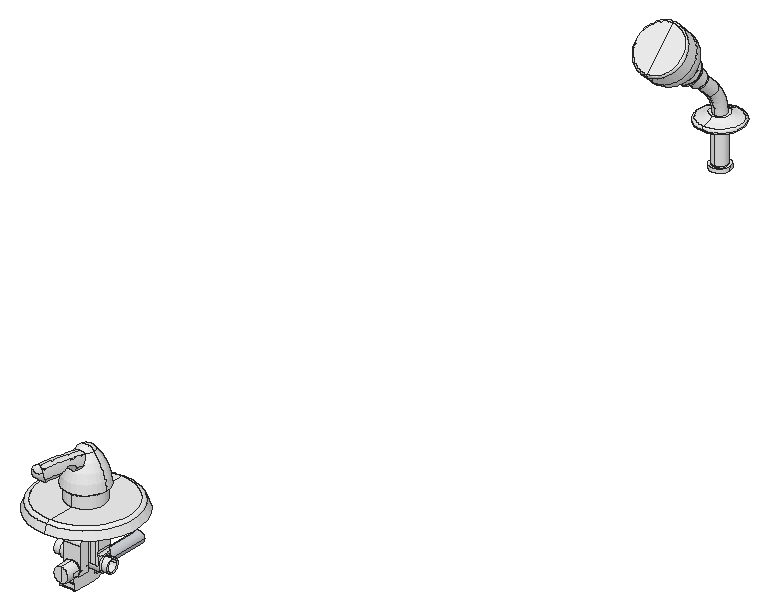
Revit family "S-9601-PLR", category Plumbing Fixtures, host Face, Revit 2019
Family settings
  Host = Face
  Round Connector Dimension = Use Diameter
  Part Type = Normal
  OmniClass Number = 23.65.70.11.11
  OmniClass Title = Fixtures for Liquids
  Cut with Voids When Loaded = No
  Shared = No
  Room Calculation Point = No
Parameters (values of type "1.2 GPM Flow Restrictor, Chrome")
  z Wide Lever = 0
  z Visibility = no
  z Valve = M Valve&diverter : Chrome
  z Type Model = 0
  z Type GPM = 0
  z Type Finish = 0
  z Type = 0
  z Slip On Tub = 0
  z Showerhead = shower head : Chrome
  z Reverse Core = 0
  z Pipe Radius = 0.000"
  z Overall Width = 0.000"
  z Overall Height = 0.000"
  z Overall Depth = 0.000"
  z Offset = 0.000"
  z Integral Service Stops = 0
  z Has Wide Lever Handle = no
  z Has Volume Control = no
  z Has Trim = no
  z Has Slip On Tub Spout = no
  z Has Showerhead = no
  z Has Reverse Core = no
  z Has Rebuild Kit Trim Only = no
  z Has Integral Service Stops = no
  z Has Check Stops = no
  z Has 2.0 GPM Flow Restrictor = no
  z Has 1.5 GPM Flow Restrictor = no
  z Has .5 Inch Female Connections = no
  z GPM Number = 0
  z GPM GPM = 0.000 GPM
  z Flow Rate = 0
  z Error Box Width = 0.000"
  z Error Box Height = 0.000"
  z Error Box Depth = 0.000"
  z .5 Inch Female Connections = 0
  z  Showerhead = 0
  Waste Connection = no
  Vent Connection = no
  URL = ""
  Product Material = Chrome - Symmons - Polished
  Model = ""
  Manufacturer = ""
  HW Connection = no
  Gallons Per Minute = 0.000 GPM
  Description = ""
  Default Elevation = 0.000"
  Date Modified = ""
  Date Created = ""
  CW Connection = no
Types (8): name | z Visibility | z Has Wide Lever Handle | z Has Volume Control | z Has Slip On Tub Spout | z Has Showerhead | z Has Reverse Core | z Has Integral Service Stops | z Has Check Stops | z Has 2.0 GPM Flow Restrictor | z Has 1.5 GPM Flow Restrictor | z Has .5 Inch Female Connections | Product Material | Gallons Per Minute
  1.2 GPM Flow Restrictor, Chrome | no | no | no | no | no | no | no | no | no | no | no | Chrome - Symmons - Polished | 0.000 GPM
  1.2 GPM Flow Restrictor, Satin Nickel | yes | yes | yes | yes | yes | yes | yes | yes | yes | yes | yes | Nickel - Symmons - Satin | 1.200 GPM
  1.5 GPM Flow Restrictor, Satin Nickel | yes | yes | yes | yes | yes | yes | yes | yes | yes | yes | yes | Nickel - Symmons - Satin | 1.500 GPM
  1.75 GPM Flow Restrictor, Satin Nickel | yes | yes | yes | yes | yes | yes | yes | yes | yes | yes | yes | Nickel - Symmons - Satin | 1.750 GPM
  2.0 GPM Flow Restrictor, Satin Nickel | yes | yes | yes | yes | yes | yes | yes | yes | yes | yes | yes | Nickel - Symmons - Satin | 0.000 GPM
  1.5 GPM Flow Restrictor, Chrome | yes | yes | yes | yes | yes | yes | yes | yes | yes | yes | yes | Chrome - Symmons - Polished | 1.500 GPM
  1.75 GPM Flow Restrictor, Chrome | yes | yes | yes | yes | yes | yes | yes | yes | yes | yes | yes | Chrome - Symmons - Polished | 1.750 GPM
  2.0 GPM Flow Restrictor, Chrome | yes | yes | yes | yes | yes | yes | yes | yes | yes | yes | yes | Chrome - Symmons - Polished | 2.000 GPM
Reference planes (in)
  plane 1 "Center (Front/Back)": y = 0
  plane 2 "Center (Elevation)": z = 0
  plane 3 "Center (Left/Right)": x = 0
  plane 4: x = -3.75
  plane 5: y = 28.5
  plane 6: x = 3.75
  plane 7: z = 0
  plane 8: z = 9.325
  plane 9: y = -12
  plane 10: y = 45
  plane 11: z = 0
Dimensions and locks (in)
  equal spacing: plane 4, plane 3 "Center (Left/Right)", plane 6
  plane 4 to plane 6 = 7.500"
  plane 5 to plane 1 "Center (Front/Back)" = 28.500"
  plane 7 to plane 2 "Center (Elevation)" = 0.000"
  plane 8 to plane 7 = 9.325"
  locked: plane 1 "Center (Front/Back)" to plane 9 at 12
  locked: plane 10 to plane 1 "Center (Front/Back)" at 45
  plane 11 to plane 7 = 0.000"
  plane 10 to plane 9 = 57.000"
  aligned and locked: plane 2 "Center (Elevation)" to host face
  aligned and locked: level to host face
Automatic sketch dimensions
  host sketch curve to host sketch curve = 7.44425"
  host sketch curve to host sketch curve = 60.71207"
Nested families (in)
  nested 1: "shower head" at (0, 44.98453, 0), type "Chrome"
    with z Pipe Radius 0.250", z Overall Width 2.500", z Overall Height 2.500", z Overall Depth 7.500", z Offset 1.000", Part Number "", Part Description "Single Mode Showerhead, 2.0 Flow Rate Restrictor, Chrome", Equipment Number ""
  nested 2: "M Valve&diverter" at (-0.00649, 0.06617, 0), type "Satin Nickel"
    with zz Length 9 4.000", zz Length 10 0.100", Part Number "3500-CYL-B", Part Description "Shower Valve System with Symmons Temptrol mixing valve,Chrome", Equipment Number ""
Connectors (in)
  piping at (-0.06456, 3.81617, -3.0625), diameter 0.5
    settings: on nested 2, index 2, connector inside diameter 24", connector length 0.000", flow factor 0, pipe flow 0.000 GPM, pressure drop 0.00 psi, fitting loss kfactor 0, connector angle 0.000°, fixture units 0, engagement length 0.000", angle of deflection 0.000°, flow configuration 0, flow direction 2, fitting loss method 0, system type 29, joint type 0, gender type 0, connector reference index -1, connector utility 0, adjustable connector no, is connector primary yes, connector description "Mixed Water Out"
  piping at (0, 44.98453, -2.375), diameter 0.5
    settings: on nested 1, index 3, connector inside diameter 24", connector length 0.000", flow factor 0, pipe flow 0.000 GPM, pressure drop 0.00 psi, fitting loss kfactor 0, connector angle 0.000°, fixture units 0, engagement length 0.000", angle of deflection 0.000°, flow configuration 0, flow direction 1, fitting loss method 0, system type 29, joint type 0, gender type 0, connector reference index -1, connector utility 0, adjustable connector no, is connector primary no, connector description "Shower Head Supply"
  piping at (-0.00649, -1.68583, -2.59375), diameter 0.5
    settings: on nested 2, index 4, connector inside diameter 24", connector length 0.000", flow factor 0, pipe flow 0.000 GPM, pressure drop 0.00 psi, fitting loss kfactor 0, connector angle 0.000°, fixture units 0, engagement length 0.000", angle of deflection 0.000°, flow configuration 0, flow direction 1, fitting loss method 0, system type 22, joint type 0, gender type 0, connector reference index -1, connector utility 0, adjustable connector no, is connector primary no, connector description "Tub Spout Supply"
  piping at (-1.50649, 0.12939, -2.3711), diameter 0.5
    settings: on nested 2, index 5, connector inside diameter 24", connector length 0.000", flow factor 0, pipe flow 0.000 GPM, pressure drop 0.00 psi, fitting loss kfactor 0, connector angle 0.000°, fixture units 0, engagement length 0.000", angle of deflection 0.000°, flow configuration 0, flow direction 1, fitting loss method 0, system type 20, joint type 0, gender type 0, connector reference index -1, connector utility 0, adjustable connector no, is connector primary no, connector description "Cold Water Supply"
  piping at (1.49351, 0.00028, -2.3711), diameter 0.5
    settings: on nested 2, index 6, connector inside diameter 24", connector length 0.000", flow factor 0, pipe flow 0.000 GPM, pressure drop 0.00 psi, fitting loss kfactor 0, connector angle 0.000°, fixture units 0, engagement length 0.000", angle of deflection 0.000°, flow configuration 0, flow direction 1, fitting loss method 0, system type 19, joint type 0, gender type 0, connector reference index -1, connector utility 0, adjustable connector no, is connector primary no, connector description "Hot Water Supply"
Definition of nested family "shower head"
  Parameters (values of type "Chrome")
    z Type GPM = 0
    z Type Flow Restrictor = 0
    z Type Finish = 0
    z Pipe Radius [instance] = 0.000"
    z Overall Width [instance] = 2.500"
    z Overall Height [instance] = 2.500"
    z Overall Depth [instance] = 7.500"
    z Offset [instance] = 1.000"
    z GPM Number = 0
    z GPM GPM = 0.000 GPM
    URL = ""
    Product Page URL = ""
    Product Material = none
    Product Documentation Link = ""
    Part Number [instance] = ""
    Part Description [instance] = ""
    Model Disclaimer = ""
    Model = ""
    Manufacturer = ""
    Gallons Per Minute = 0.000 GPM
    Family Version = ""
    Equipment Number [instance] = ""
    Equipment Abbreviation = ""
    Description = ""
    Default Elevation = 0.000"
    Date Modified = ""
    Date Created = ""
    Copyright = ""
  Types (2): name | z Pipe Radius
    Chrome | 0.000"
    Satin Nickel | 0.250"
  Reference planes (in)
    plane 1 "Center (Front/Back)": y = 0
    plane 2 "Center (Elevation)": z = 0
    plane 3 "Center (Left/Right)": x = 0
    plane 4: x = -1.25
    plane 5: y = 1.25
    plane 6: y = -1.25
    plane 7: x = 1.25
    plane 8: z = -1
    plane 9: z = 6.5
    plane 10: z = 0
    plane 11: y = -0.5
    plane 12: z = 0.33234
    plane 13: z = 0.15
    plane 14: y = -0.5695
  Forms (in)
    Extrusion 1, solid
      sketch origin (0, 0, 0) x (1, 0, 0) y (0, 1, 0)
        loop
          line (-1.75, 1.5) -> (-1.75, -1.77927) -> (1.52741, -1.77927) -> (1.52741, 1.5) -> (-1.75, 1.5)
      from 0 to -0.35383
    Revolve 2, solid, material <- "Product Material"
      sketch origin (0, 0, 0) x (0, 1, 0) y (0, 0, 1)
        loop
          line (0, 0.43) -> (-0.531, 0.43)
          arc (-0.531, 0.43) -> (-0.83077, 0.27718) -> (-1.152, 0.17705) r 1.98967
          arc (-1.152, 0.17705) -> (-1.22247, 0.13328) -> (-1.25, 0.05503) r 0.12497
          line (-1.25, 0.05503) -> (-1.25, 0) -> (-0.40524, 0) -> (-0.40524, -2.0983) -> (-0.37019, -2.11854) -> (-0.40524, -2.1364) -> (-0.40524, -2.16734) -> (-0.37033, -2.1875) -> (0, -2.1875) -> (0, 0.43)
        axis (0, -2.1875) -> (0, 0.43)
      angle from 0 to 360
    Revolve 3, solid, material <- "Product Material"
      sketch origin (0, 0, 0) x (0, 1, 0) y (0, 0, 1)
        loop
          line (-1.44893, 2.69442) -> (-4.27736, 5.52285) -> (-5.19512, 4.60509)
          arc (-5.19512, 4.60509) -> (-5.20669, 4.53512) -> (-5.17463, 4.47185) r 0.11397
          line (-5.17463, 4.47185) -> (-4.60328, 3.9005)
          arc (-4.60328, 3.9005) -> (-4.06, 3.55859) -> (-3.42138, 3.49354) r 1.40724
          arc (-3.42138, 3.49354) -> (-3.29656, 3.50007) -> (-3.18333, 3.44713) r 0.25784
          arc (-3.18333, 3.44713) -> (-3.16288, 3.42915) -> (-3.13674, 3.43676) r 0.02828
          line (-3.13674, 3.43676) -> (-3.09845, 3.47505) -> (-3.07648, 3.45308) -> (-3.11506, 3.4145) -> (-3.11506, 3.38343) -> (-3.08249, 3.416) -> (-3.02529, 3.4439) -> (-3.05483, 3.38834) -> (-3.03131, 3.36481) -> (-2.98876, 3.40736) -> (-2.96619, 3.38479) -> (-3.04685, 3.30413) -> (-2.85198, 3.10926) -> (-2.68557, 3.27567) -> (-2.66164, 3.24392) -> (-2.68364, 3.22193) -> (-2.636, 3.17429) -> (-2.67763, 3.13266) -> (-2.65558, 3.11061) -> (-2.7474, 3.01878)
          arc (-2.7474, 3.01878) -> (-2.70574, 3.00152) -> (-2.66407, 3.01878) r 0.05892
          line (-2.66407, 3.01878) -> (-2.54206, 3.14079)
          arc (-2.54206, 3.14079) -> (-2.44086, 3.09588) -> (-2.33184, 3.07652) r 0.45876
          line (-2.33184, 3.07652) -> (-2.26301, 3.00769) -> (-2.32244, 2.90048) -> (-1.92136, 2.49939) -> (-1.87345, 2.54729) -> (-1.85127, 2.52511) -> (-1.80643, 2.53464) -> (-1.81792, 2.49176) -> (-1.79616, 2.47) -> (-1.75329, 2.48149) -> (-1.76477, 2.43861) -> (-1.73476, 2.4086) -> (-1.44893, 2.69442)
        axis (-1.44893, 2.69442) -> (-4.27736, 5.52285)
      angle from 0 to 360
    Sweep 4, solid, material <- "Product Material"
      path origin (0, 0, 0) x (0, 1, 0) y (0, 0, 1)
        loop
          line (-1.4794, 2.72506) -> (-0.65089, 1.89655)
          arc (-0.65089, 1.89655) -> (-0.1891, 1.22379) -> (0, 0.43) r 2.23181
      profile origin (0, -1.06515, 2.3108) x (0, 0.707107, 0.707107) y (1, 0, 0)
        loop
          circle (-0.00012, 0) r 0.35413
    Extrusion 5, solid, material <- "Product Material"
      sketch origin (0, 0, 0) x (1, 0, 0) y (0, 1, 0)
        loop
          circle (0, 0) r 0.40524
        loop
          circle (0, 0) r 0.54462
      from -2.375 to -2.1875
  Lines and regions (in)
    Masking region 1
      outline origin (0, 0, 0) x (1, 0, 0) y (0, 0, 1)
        loop
          line (-1.25, 0) -> (-0.5, 0) -> (-0.5, -1) -> (0.5, -1) -> (0.5, 0) -> (1.25, 0) -> (1.25, 0.14959) -> (0.5695, 0.33234) -> (0.5, 0.33234) -> (0.5, 6.26256)
          spline (0.5, 6.26256) -> (0.53792, 6.27801) -> (0.5732, 6.29456) -> (0.60567, 6.31211) -> (0.63516, 6.33059) -> (0.66153, 6.3499) -> (0.68465, 6.36995) -> (0.70441, 6.39063) -> (0.72072, 6.41185) -> (0.73348, 6.43351) -> (0.74264, 6.45549) -> (0.74816, 6.47769) -> (0.75, 6.5)
          line (0.75, 6.5) -> (0.75, 7.07479) -> (1.25, 7.36347) -> (1.49591, 7.60938) -> (1.49591, 8.60938)
          spline (1.49591, 8.60938) -> (1.44494, 8.76866) -> (1.2955, 8.91709) -> (1.05777, 9.04454) -> (0.74795, 9.14235) -> (0.38717, 9.20383) -> (0, 9.2248) -> (-0.38717, 9.20383) -> (-0.74795, 9.14235) -> (-1.05777, 9.04454) -> (-1.2955, 8.91709) -> (-1.44494, 8.76866) -> (-1.49591, 8.60938)
          line (-1.49591, 8.60938) -> (-1.49591, 7.60938) -> (-1.25, 7.36347) -> (-0.75, 7.07479) -> (-0.75, 6.5)
          spline (-0.75, 6.5) -> (-0.74816, 6.47769) -> (-0.74264, 6.45549) -> (-0.73348, 6.43351) -> (-0.72072, 6.41185) -> (-0.70441, 6.39063) -> (-0.68465, 6.36995) -> (-0.66153, 6.3499) -> (-0.63516, 6.33059) -> (-0.60567, 6.31211) -> (-0.5732, 6.29456) -> (-0.53792, 6.27801) -> (-0.5, 6.26256)
          line (-0.5, 6.26256) -> (-0.5, 0.33234) -> (-0.5695, 0.33234) -> (-1.25, 0.14959) -> (-1.25, 0)
    symbolic lines, detail levels fine
      curve 1: line (-0.5, 0, 0.33234) -> (0.5, 0, 0.33234)
      curve 2: line (-1.25, 0, 0.14959) -> (1.25, 0, 0.14959)
      curve 3: spline (-0.5, 0, 6.26256) -> (-0.67885, 0, 6.36457) -> (-0.74948, 0, 6.48818) -> (-0.70063, 0, 6.61367) -> (-0.54008, 0, 6.72104) -> (-0.29343, 0, 6.79317) -> (0, 0, 6.81857) -> (0.29343, 0, 6.79317) -> (0.54008, 0, 6.72104) -> (0.70063, 0, 6.61367) -> (0.74948, 0, 6.48818) -> (0.67885, 0, 6.36457) -> (0.5, 0, 6.26256)
      curve 4: spline (-1.49591, 1.25, 7.60938) -> (-1.44494, 1.25, 7.80085) -> (-1.2955, 1.25, 7.97927) -> (-1.05777, 1.25, 8.13249) -> (-0.74795, 1.25, 8.25006) -> (-0.38717, 1.25, 8.32397) -> (0, 1.25, 8.34917) -> (0.38717, 1.25, 8.32397) -> (0.74795, 1.25, 8.25006) -> (1.05777, 1.25, 8.13249) -> (1.2955, 1.25, 7.97927) -> (1.44494, 1.25, 7.80085) -> (1.49591, 1.25, 7.60938)
      curve 5: spline (-0.5, 1.25, 6.5) -> (-0.48296, 1.25, 6.55497) -> (-0.43301, 1.25, 6.60619) -> (-0.35355, 1.25, 6.65017) -> (-0.25, 1.25, 6.68392) -> (-0.12941, 1.25, 6.70514) -> (0, 1.25, 6.71238) -> (0.12941, 1.25, 6.70514) -> (0.25, 1.25, 6.68392) -> (0.35355, 1.25, 6.65017) -> (0.43301, 1.25, 6.60619) -> (0.48296, 1.25, 6.55497) -> (0.5, 1.25, 6.5)
      curve 6: line (-0.5, 1.25, 6.5) -> (-0.5, 1.25, 6.26256)
      curve 7: line (0.5, 1.25, 6.5) -> (0.5, 1.25, 6.26256)
  Dimensions and locks (in)
    equal spacing: plane 4, plane 3 "Center (Left/Right)", plane 7
    "z Overall Width": plane 4 to plane 7
    equal spacing: plane 5, plane 1 "Center (Front/Back)", plane 6
    "z Overall Height": plane 5 to plane 6
    "z Overall Depth": plane 9 to plane 8
    plane 12 to plane 13 to plane 10 to plane 8 = 0.18234" locked, 0.150" locked, 1.000" locked
    plane 6 to plane 14 to plane 11 = 0.6805" locked, 0.0695" locked
    "z Offset": plane 2 "Center (Elevation)" to plane 8
    Masking region 1 sketch curve to Masking region 1 sketch curve to Masking region 1 sketch curve to Masking region 1 sketch curve to Masking region 1 sketch curve to plane 3 "Center (Left/Right)" to Masking region 1 sketch curve to Masking region 1 sketch curve to Masking region 1 sketch curve to Masking region 1 sketch curve to Masking region 1 sketch curve = 0.74591" locked, 0.1805" locked, 0.0695" locked, 0.000" locked, 0.500" locked, 0.500" locked, 0.000" locked, 0.0695" locked, 0.1805" locked, 0.74591" locked
    Masking region 1 sketch curve to Masking region 1 sketch curve to plane 2 "Center (Elevation)" = 0.000" locked, 0.33234" locked
    locked: curve 2 to plane 8 at 1.14959
    equal spacing: curve 1, plane 3 "Center (Left/Right)", curve 1
    locked: curve 1 to curve 1 at 1
    locked: curve 1 to plane 8 at 1.33234
    equal spacing: curve 3, plane 3 "Center (Left/Right)", curve 3
    locked: curve 3 to curve 3 at 1
    locked: curve 4 to plane 9 at 1.10938
    equal spacing: curve 4, plane 3 "Center (Left/Right)", curve 4
    locked: curve 4 to curve 4 at 2.99182
    curve 4 to curve 4 to plane 9 = 0.000" locked, 1.10938" locked
    Masking region 1 sketch curve to plane 9 to Masking region 1 sketch curve to Masking region 1 sketch curve to Masking region 1 sketch curve = 0.000" locked, 0.000" locked, 0.23744" locked, 0.000" locked
    plane 9 to curve 6 to curve 7 = 0.23744" locked, 0.000" locked
    aligned and locked: plane 2 "Center (Elevation)" to Extrusion 1
    aligned and locked: level to Extrusion 1
    aligned and locked: Revolve 2 sketch curve to plane 1 "Center (Front/Back)"
    aligned and locked: Masking region 1 sketch curve to plane 8
    aligned and locked: Masking region 1 sketch curve to plane 2 "Center (Elevation)"  (x2)
    aligned and locked: plane 7 to curve 2
    aligned and locked: plane 4 to curve 2
    aligned and locked: plane 9 to Masking region 1 sketch curve  (x2)
    aligned and locked: plane 3 "Center (Left/Right)" to Masking region 1 sketch curve  (x2)
    aligned and locked: plane 9 to curve 5  (x2)
    aligned and locked: plane 3 "Center (Left/Right)" to curve 5
    aligned and locked: plane 9 to curve 6
  Automatic sketch dimensions
    Extrusion 1 sketch curve to Extrusion 1 sketch curve = 3.27741"
    Extrusion 1 sketch curve to Extrusion 1 sketch curve = 3.27927"
    Masking region 1 sketch curve to plane 4 = 0.000"  (x2)
    Masking region 1 sketch curve to plane 7 = 0.000"  (x2)
    Masking region 1 sketch curve to Masking region 1 sketch curve = 0.14959"  (x2)
    Masking region 1 sketch curve to Masking region 1 sketch curve = 0.57479"  (x2)
    Masking region 1 sketch curve to Masking region 1 sketch curve = 0.28868"  (x2)
    Masking region 1 sketch curve to Masking region 1 sketch curve = 0.24591"  (x2)
    Masking region 1 sketch curve to Masking region 1 sketch curve = 1.000"
    curve 3 to plane 9 = 0.000"
    curve 3 to plane 3 "Center (Left/Right)" = 0.000"
    curve 3 to curve 3 = 0.250"
    curve 5 to curve 5 = 0.500"
    curve 3 to plane 9 = 0.23744"
    Revolve 2 sketch curve to level = 0.000"
    Revolve 2 sketch curve to plane 6 = 0.000"
    Revolve 2 sketch curve to plane 1 "Center (Front/Back)" = 0.000"
    Revolve 2 sketch curve to plane 6 = 0.33133"
    level to Revolve 2 sketch curve = 0.05503"
    plane 6 to Revolve 2 sketch curve = 0.12497"
    Revolve 2 sketch curve to plane 11 = 0.031"
    plane 11 to Revolve 2 sketch curve = 0.09476"
    Revolve 2 sketch curve to Revolve 2 sketch curve = 0.000"
    Revolve 2 sketch curve to Revolve 2 sketch curve = 0.03491"
    Revolve 2 sketch curve to plane 8 = 1.0983"
    Revolve 2 sketch curve to Revolve 2 sketch curve = 0.02016"
    plane 12 to Revolve 2 sketch curve = 0.09766"
    plane 12 to Revolve 2 sketch curve = 1.78751"
    Revolve 2 sketch curve to Revolve 2 sketch curve = 0.03505"
    Revolve 2 sketch curve to Revolve 2 sketch curve = 0.02024"
    Revolve 2 sketch curve to Revolve 2 sketch curve = 0.03095"
    Revolve 2 sketch curve to Revolve 2 sketch curve = 21.8125"
    plane 9 to Revolve 2 sketch curve = 79.77586"
    Revolve 2 sketch curve to Revolve 2 sketch curve = 0.03809"
    Revolve 3 sketch curve to plane 9 = 1.89491"
    Revolve 3 sketch curve to plane 6 = 3.94512"
    Revolve 3 sketch curve to plane 9 = 2.02815"
    Revolve 3 sketch curve to Revolve 3 sketch curve = 0.02049"
    Revolve 3 sketch curve to Revolve 3 sketch curve = 0.10108"
    Revolve 3 sketch curve to Revolve 3 sketch curve = 0.57135"  (x2)
    Revolve 3 sketch curve to plane 9 = 0.97715"  (x2)
    Revolve 3 sketch curve to Revolve 3 sketch curve = 0.81669"
    Revolve 3 sketch curve to Revolve 3 sketch curve = 0.67551"
    Revolve 3 sketch curve to Revolve 3 sketch curve = 1.25738"
    Revolve 3 sketch curve to Revolve 3 sketch curve = 0.18916"
    Revolve 3 sketch curve to Revolve 3 sketch curve = 0.020"  (x2)
    Revolve 3 sketch curve to Revolve 3 sketch curve = 0.02168"
    Revolve 3 sketch curve to Revolve 3 sketch curve = 0.03829"
    Revolve 3 sketch curve to Revolve 3 sketch curve = 0.03257"
    Revolve 3 sketch curve to Revolve 3 sketch curve = 0.02197"
    Revolve 3 sketch curve to Revolve 3 sketch curve = 0.02766"
    Revolve 3 sketch curve to Revolve 3 sketch curve = 0.00798"
    Revolve 3 sketch curve to Revolve 3 sketch curve = 0.02353"
    Revolve 3 sketch curve to Revolve 3 sketch curve = 0.05118"
    Revolve 3 sketch curve to Revolve 3 sketch curve = 0.03653"  (x2)
    Revolve 3 sketch curve to Revolve 3 sketch curve = 0.02257"
    Revolve 3 sketch curve to Revolve 3 sketch curve = 0.19487"
    Revolve 3 sketch curve to Revolve 3 sketch curve = 0.10458"
    Revolve 3 sketch curve to Revolve 3 sketch curve = 0.04167"  (x3)
    Revolve 3 sketch curve to Revolve 3 sketch curve = 0.02017"
    Revolve 3 sketch curve to Revolve 3 sketch curve = 0.00193"
    Revolve 3 sketch curve to Revolve 3 sketch curve = 0.02811"
    Revolve 3 sketch curve to Revolve 3 sketch curve = 0.02199"
    Revolve 3 sketch curve to Revolve 3 sketch curve = 0.02205"
    Revolve 3 sketch curve to Revolve 3 sketch curve = 0.04163"
    Revolve 3 sketch curve to Revolve 3 sketch curve = 0.09394"
    Revolve 3 sketch curve to Revolve 3 sketch curve = 0.21022"
    Revolve 3 sketch curve to Revolve 3 sketch curve = 0.0094"
    Revolve 3 sketch curve to Revolve 3 sketch curve = 0.35491"
    Revolve 3 sketch curve to Revolve 3 sketch curve = 0.06883"  (x2)
    Revolve 3 sketch curve to Revolve 3 sketch curve = 0.40108"
    Revolve 3 sketch curve to Revolve 3 sketch curve = 0.0479"
    Revolve 3 sketch curve to Revolve 3 sketch curve = 0.02219"
    Revolve 3 sketch curve to Revolve 3 sketch curve = 0.03334"  (x2)
    Revolve 3 sketch curve to Revolve 3 sketch curve = 0.01149"  (x2)
    Revolve 3 sketch curve to Revolve 3 sketch curve = 0.02176"  (x2)
    Revolve 3 sketch curve to Revolve 3 sketch curve = 0.03139"  (x2)
    Revolve 3 sketch curve to Revolve 3 sketch curve = 0.04287"  (x2)
    Revolve 3 sketch curve to Revolve 3 sketch curve = 0.03002"
    Revolve 3 sketch curve to plane 6 = 0.19893"
    Revolve 3 sketch curve to Revolve 3 sketch curve = 0.00763"
    Revolve 3 sketch curve to Revolve 3 sketch curve = 0.10722"
    Revolve 3 sketch curve to Revolve 3 sketch curve = 0.1183"
    Revolve 3 sketch curve to Revolve 3 sketch curve = 0.09048"
    Revolve 3 sketch curve to Revolve 3 sketch curve = 0.05016"
    Revolve 3 sketch curve to Revolve 3 sketch curve = 0.0335"
    Revolve 3 sketch curve to Revolve 3 sketch curve = 0.13773"
    Revolve 3 sketch curve to Revolve 3 sketch curve = 0.03175"
    Revolve 3 sketch curve to Revolve 3 sketch curve = 0.00491"
    Revolve 3 sketch curve to Revolve 3 sketch curve = 0.03106"
    Revolve 3 sketch curve to Revolve 3 sketch curve = 0.0015"
    Revolve 3 sketch curve to Revolve 3 sketch curve = 0.02226"
    Revolve 3 sketch curve to Revolve 3 sketch curve = 0.63369"
    Revolve 3 sketch curve to Revolve 3 sketch curve = 0.000"  (x3)
    Revolve 3 sketch curve to Revolve 3 sketch curve = 0.07548"
    Sweep 4 sketch curve to plane 1 "Center (Front/Back)" = 0.000"
    level to Sweep 4 sketch curve = 0.31842"
    Sweep 4 sketch curve to plane 6 = 0.97902"
    plane 6 to Sweep 4 sketch curve = 0.59911"
    Sweep 4 sketch curve to plane 6 = 0.2294"
    level to Sweep 4 sketch curve = 0.430"
    Sweep 4 sketch curve to Sweep 4 sketch curve = 0.82851"
    Sweep 4 sketch curve to plane 3 "Center (Left/Right)" = 0.000"
    profile plane to Sweep 4 sketch curve = 0.00012"
    Sweep 4 sketch curve to Sweep 4 sketch curve = 0.35413"
    Extrusion 5 sketch curve to Extrusion 5 sketch curve = 0.000"  (x2)
    plane 1 "Center (Front/Back)" to Extrusion 5 sketch curve = 0.000"
    Extrusion 5 sketch curve to plane 3 "Center (Left/Right)" = 0.000"
    radius of Extrusion 5 sketch curve = 0.40524"
    radius of Extrusion 5 sketch curve = 0.54462"
  Connectors (in)
    piping at (0, 0, -2.375), diameter 1.08
      settings: on Extrusion 5, index 1, connector inside diameter 24", connector length 0.000", flow factor 0, pipe flow 0.000 GPM, pressure drop 0.00 psi, fitting loss kfactor 0, connector angle 0.000°, fixture units 0, engagement length 0.000", angle of deflection 0.000°, flow configuration 0, flow direction 0, fitting loss method 0, system type 7, joint type 0, gender type 0, connector reference index -1, connector utility 0, adjustable connector no, is connector primary yes, connector description ""
Definition of nested family "M Valve&diverter"
  Parameters (values of type "Satin Nickel")
    zz Text 2 = "None Selected"
    zz Text 1 = "None Selected"
    zz Length 9 [instance] = 4.000"
    zz Length 10 [instance] = 0.100"
    URL = ""
    Product Page URL = ""
    Product Material = none
    Product Documentation Link = ""
    Part Number [instance] = ""
    Part Description [instance] = ""
    Model Disclaimer = ""
    Model = ""
    Manufacturer = ""
    Family Version = ""
    Equipment Number [instance] = ""
    Equipment Abbreviation = ""
    Description = ""
    Default Elevation = 0.000"
    Date Modified = ""
    Date Created = ""
    Copyright = ""
  Types (2): name | zz Length 9 | zz Length 10
    Chrome | 0.000" | 0.000"
    Satin Nickel | 4.000" | 0.100"
  Reference planes (in)
    plane 1 "Center (Front/Back)": y = 0
    plane 2 "Center (Elevation)": z = 0
    plane 3 "Center (Left/Right)": x = 0
    plane 4: x = -16
    plane 5: y = 3.75
    plane 6: y = -3.75
    plane 7: x = 16
    plane 8: z = 0
    plane 9: x = 3.25
    plane 10: x = -3.25
    plane 11: y = -5.75
  Forms (in)
    Extrusion 1, solid, material <- "Product Material"
      sketch origin (0, 0, 0) x (1, 0, 0) y (0, 1, 0)
        loop
          line (-3.25, 3.75) -> (-3.25, -3.75) -> (3.25, -3.75) -> (3.25, 3.75) -> (-3.25, 3.75)
      from 0 to -0.49403
    Revolve 2, solid, material <- "Product Material"
      sketch origin (0, 0, 0) x (0, 1, 0) y (0, 0, 1)
        loop
          arc (0.78273, -0.21014) -> (0.79592, -0.17085) -> (0.83013, -0.14747) r 0.06513
          arc (0.83013, -0.14747) -> (0.84009, -0.12344) -> (0.84348, -0.09765) r 0.09964
          line (0.84348, -0.09765) -> (0.84348, 0) -> (0, 0) -> (0, -2.3428) -> (0.57152, -2.3428) -> (0.57152, -1.79847)
          arc (0.57152, -1.79847) -> (0.58367, -1.75995) -> (0.61571, -1.73536) r 0.06717
          arc (0.61571, -1.73536) -> (0.64467, -1.71314) -> (0.65565, -1.67832) r 0.06069
          line (0.65565, -1.67832) -> (0.65565, -1.20182)
          arc (0.65565, -1.20182) -> (0.6595, -1.17998) -> (0.67059, -1.16078) r 0.06385
          arc (0.67059, -1.16078) -> (0.68279, -1.13963) -> (0.68703, -1.11559) r 0.07029
          line (0.68703, -1.11559) -> (0.68703, -0.86559)
          arc (0.68703, -0.86559) -> (0.70132, -0.82632) -> (0.72818, -0.79431) r 0.12032
          arc (0.72818, -0.79431) -> (0.74375, -0.77402) -> (0.74929, -0.74906) r 0.05908
          line (0.74929, -0.74906) -> (0.74929, -0.5749)
          arc (0.74929, -0.5749) -> (0.7572, -0.52575) -> (0.78273, -0.48301) r 0.13217
          line (0.78273, -0.48301) -> (0.78273, -0.21014)
        axis (0, 0) -> (0, -2.3428)
      angle from 0 to 360
    Extrusion 3, solid, material <- "Product Material"
      sketch origin (0, 0, 0) x (1, 0, 0) y (0, 1, 0)
        loop
          line (0.48392, 0.42426) -> (0.48392, -0.48198)
          arc (0.48392, -0.48198) -> (0.50866, -0.44973) -> (0.54744, -0.4375) r 0.0676
          line (0.54744, -0.4375) -> (0.91492, -0.4375)
          arc (0.91492, -0.4375) -> (0.98057, -0.42784) -> (1.02672, -0.38015) r 0.10307
          arc (1.02672, -0.38015) -> (1.112, 0) -> (1.02672, 0.38015) r 0.88995
          arc (1.02672, 0.38015) -> (0.97002, 0.41289) -> (0.90554, 0.42426) r 0.18853
          line (0.90554, 0.42426) -> (0.48392, 0.42426)
      from -2.3428 to -0.48301
    Extrusion 4, void
      sketch origin (0, 0, 0) x (1, 0, 0) y (0, 0, 1)
        loop
          arc (1.12128, -0.64291) -> (1.05254, -0.69934) -> (1.02672, -0.78444) r 0.15319
          line (1.02672, -0.78444) -> (1.02672, -1.625) -> (1.00118, -1.76989)
          arc (1.00118, -1.76989) -> (1.0257, -1.88053) -> (1.12128, -1.94142) r 0.14807
          line (1.12128, -1.94142) -> (1.12128, -0.64291)
      from -0.53605 to 0.48198
    Extrusion 5, solid, material <- "Product Material"
      sketch origin (0, 0, 0) x (0, 1, 0) y (0, 0, 1)
        loop
          line (-0.45569, -0.88434) -> (-0.80233, -1.04779)
          arc (-0.80233, -1.04779) -> (-0.93476, -1.17702) -> (-0.98338, -1.35555) r 0.35209
          line (-0.98338, -1.35555) -> (-0.98338, -2.36089)
          arc (-0.98338, -2.36089) -> (-1.01729, -2.59628) -> (-1.11624, -2.81253) r 0.83411
          line (-1.11624, -2.81253) -> (-0.45569, -2.81253) -> (-0.45569, -0.88434)
      from -0.48892 to 0.48392
    Revolve 6, solid, material <- "Product Material"
      sketch origin (0, 0, 0) x (1, 0, 0) y (0, 0, 1)
        loop
          line (-1.5, -2.375) -> (0, -2.375) -> (0, -1.93862) -> (-1.11556, -1.93862) -> (-1.15085, -1.99974) -> (-1.5, -1.99974) -> (-1.5, -2.375)
        axis (-1.5, -2.375) -> (0, -2.375)
      angle from 0 to 360
    Revolve 7, solid, material <- "Product Material"
      sketch origin (0, 0, 0) x (-1, 0, 0) y (0, 0, 1)
        loop
          line (-1.5, -2.375) -> (0, -2.375) -> (0, -1.93862) -> (-1.11556, -1.93862) -> (-1.15085, -1.99974) -> (-1.5, -1.99974) -> (-1.5, -2.375)
        axis (-1.5, -2.375) -> (0, -2.375)
      angle from 0 to 360
    Revolve 8, solid, material <- "Product Material"
      sketch origin (0, 0, 0) x (0, 1, 0) y (0, 0, 1)
        loop
          line (-1.752, -2.59375) -> (-0.9385, -2.59375) -> (-0.92928, -2.10687) -> (-0.9625, -2.10687)
          arc (-0.9625, -2.10687) -> (-0.98073, -2.15089) -> (-1.02475, -2.16912) r 0.06225
          line (-1.02475, -2.16912) -> (-1.752, -2.19419) -> (-1.752, -2.59375)
        axis (-1.752, -2.59375) -> (-0.92928, -2.59375)
      angle from 0 to 360
    Extrusion 9, solid, material <- "Product Material"
      sketch origin (0, 0, 0) x (0, 1, 0) y (0, 0, 1)
        loop
          arc (-1.42289, -3.00473) -> (-1.34077, -3.03875) -> (-1.30675, -3.12087) r 0.11615
          line (-1.30675, -3.12087) -> (-1.30675, -3.38372)
          arc (-1.30675, -3.38372) -> (-1.28934, -3.42574) -> (-1.24732, -3.44315) r 0.05943
          line (-1.24732, -3.44315) -> (0, -3.5)
          arc (0, -3.5) -> (0.14006, -3.49083) -> (0.27481, -3.45154) r 0.64421
          arc (0.27481, -3.45154) -> (0.43086, -3.39856) -> (0.5925, -3.36642) r 1.25845
          line (0.5925, -3.36642) -> (0.5925, -2.61642)
          arc (0.5925, -2.61642) -> (0.48406, -2.62305) -> (0.41944, -2.53572) r 0.11385
          line (0.41944, -2.53572) -> (-1.42289, -2.53572) -> (-1.42289, -3.00473)
      from -0.435 to 0.435
    Revolve 10, solid, material <- "Product Material"
      sketch origin (0, 0, 0) x (0, 1, 0) y (0, 0, 1)
        loop
          line (3.75, -2.7503) -> (1.30968, -2.7503) -> (1.30968, -2.68666) -> (1.28596, -2.66294) -> (0.03673, -2.61932) -> (0.02125, -3.0625) -> (3.75, -3.0625) -> (3.75, -2.7503)
        axis (3.75, -3.0625) -> (0.02125, -3.0625)
      angle from 0 to 360
    Extrusion 11, void
      sketch origin (0, 0, 0) x (0, 1, 0) y (0, 0, 1)
        loop
          circle (0, -2.3685) r 0.32942
      from 1.02672 to 1.55897
    Extrusion 12, void
      sketch origin (0, 0, 0) x (0, 1, 0) y (0, 0, 1)
        loop
          circle (0, -2.3685) r 0.31609
      from -1.52114 to -1.11556
    Extrusion 13, void
      sketch origin (0, 0, 0) x (1, 0, 0) y (0, 0, 1)
        loop
          circle (0, -3.0625) r 0.29035
      from -3.97508 to -1.47369
    Extrusion 14, solid, material <- "Product Material"
      sketch origin (0, 0, 0) x (1, 0, 0) y (0, 1, 0)
        loop
          arc (1.08564, 0.21875) -> (1.02508, 0.24383) -> (1, 0.30439) r 0.08564
          line (1, 0.30439) -> (1, -0.30345)
          arc (1, -0.30345) -> (1.02481, -0.24356) -> (1.0847, -0.21875) r 0.0847
          line (1.0847, -0.21875) -> (1.43326, -0.21875)
          arc (1.43326, -0.21875) -> (1.47484, -0.20186) -> (1.5, -0.16471) r 0.07721
          line (1.5, -0.16471) -> (1.5, 0.15076)
          arc (1.5, 0.15076) -> (1.48008, 0.19883) -> (1.43201, 0.21875) r 0.06799
          line (1.43201, 0.21875) -> (1.08564, 0.21875)
      from -0.65249 to -0.48301
    Extrusion 15, solid, material <- "Product Material"
      sketch origin (0, 0, 0) x (-1, 0, 0) y (0, -1, 0)
        loop
          line (1.08564, -0.21875) -> (1.43201, -0.21875)
          arc (1.43201, -0.21875) -> (1.48008, -0.19883) -> (1.5, -0.15076) r 0.06799
          line (1.5, -0.15076) -> (1.5, 0.16471)
          arc (1.5, 0.16471) -> (1.47484, 0.20186) -> (1.43326, 0.21875) r 0.07721
          line (1.43326, 0.21875) -> (1.0847, 0.21875)
          arc (1.0847, 0.21875) -> (1.02481, 0.24356) -> (1, 0.30345) r 0.0847
          line (1, 0.30345) -> (1, -0.30439)
          arc (1, -0.30439) -> (1.02508, -0.24383) -> (1.08564, -0.21875) r 0.08564
      from -0.65249 to -0.48301
    Extrusion 16, solid, material <- "Product Material", not visible
      sketch origin (1.5, 0, -2.375) x (0, 1, 0) y (0, 0, 1)
        loop
          circle (0, 0) r 0.4
      from -2.74731 to 0
    Extrusion 17, solid
      sketch origin (0, 0, 0) x (1, 0, 0) y (0, 0, 1)
        loop
          circle (0, -3.0625) r 0.3122
      from -3.75 to -1.30968
  Cuts and joins
    Extrusion 4, Extrusion 11, Extrusion 12 cuts Extrusion 3
    Extrusion 11, Extrusion 12 cuts Revolve 2
    Extrusion 11, Extrusion 12, Extrusion 13 cuts Revolve 6
    Extrusion 11, Extrusion 12, Extrusion 13 cuts Revolve 7
    Extrusion 11, Extrusion 12, Extrusion 13 cuts Extrusion 9
    Extrusion 11, Extrusion 12, Extrusion 13 cuts Revolve 10
    Extrusion 13 cuts Revolve 8
  Dimensions and locks (in)
    equal spacing: plane 4, plane 3 "Center (Left/Right)", plane 7, locked at 16 each
    plane 4 to plane 7 = 32.000"
    equal spacing: plane 5, plane 1 "Center (Front/Back)", plane 6
    locked: plane 5 to plane 6 at 7.5
    equal spacing: plane 10, plane 3 "Center (Left/Right)", plane 9
    locked: plane 10 to plane 9 at 6.5
    locked: plane 6 to plane 11 at 2
    aligned and locked: plane 2 "Center (Elevation)" to Extrusion 1
    aligned and locked: level to Extrusion 1
  Automatic sketch dimensions
    Extrusion 1 sketch curve to Extrusion 1 sketch curve = 6.500"
    Extrusion 1 sketch curve to Extrusion 1 sketch curve = 7.500"
    Revolve 2 sketch curve to plane 1 "Center (Front/Back)" = 0.000"  (x2)
    Revolve 2 sketch curve to level = 0.000"  (x2)
    Revolve 2 sketch curve to plane 1 "Center (Front/Back)" = 0.57152"
    Revolve 2 sketch curve to Revolve 2 sketch curve = 0.02344"
    Revolve 2 sketch curve to Revolve 2 sketch curve = 0.02178"
    Revolve 2 sketch curve to Revolve 2 sketch curve = 0.06717"
    Revolve 2 sketch curve to Revolve 2 sketch curve = 0.03891"
    Revolve 2 sketch curve to Revolve 2 sketch curve = 0.07029"
    Revolve 2 sketch curve to Revolve 2 sketch curve = 0.00318"
    Revolve 2 sketch curve to Revolve 2 sketch curve = 0.06385"
    Revolve 2 sketch curve to level = 0.09765"
    Revolve 2 sketch curve to Revolve 2 sketch curve = 0.05364"
    Revolve 2 sketch curve to Revolve 2 sketch curve = 0.05908"
    Revolve 2 sketch curve to Revolve 2 sketch curve = 0.03345"
    Revolve 2 sketch curve to Revolve 2 sketch curve = 0.11849"
    Revolve 2 sketch curve to Revolve 2 sketch curve = 0.09964"
    Revolve 2 sketch curve to Revolve 2 sketch curve = 0.06513"
    Revolve 2 sketch curve to Revolve 2 sketch curve = 0.09866"
    Revolve 2 sketch curve to Revolve 2 sketch curve = 0.11248"
    Revolve 2 sketch curve to Revolve 2 sketch curve = 0.27287"
    Revolve 2 sketch curve to Revolve 2 sketch curve = 0.08794"
    Revolve 2 sketch curve to Revolve 2 sketch curve = 0.17415"
    Revolve 2 sketch curve to Revolve 2 sketch curve = 0.11653"
    Revolve 2 sketch curve to Revolve 2 sketch curve = 0.02089"
    Revolve 2 sketch curve to Revolve 2 sketch curve = 0.250"
    Revolve 2 sketch curve to Revolve 2 sketch curve = 0.08623"
    Revolve 2 sketch curve to Revolve 2 sketch curve = 0.47651"
    Revolve 2 sketch curve to Revolve 2 sketch curve = 0.12015"
    Revolve 2 sketch curve to Revolve 2 sketch curve = 0.54433"
    Revolve 2 sketch curve to Revolve 2 sketch curve = 1.54875"
    plane 1 "Center (Front/Back)" to Extrusion 3 sketch curve = 0.000"
    plane 3 "Center (Left/Right)" to Extrusion 3 sketch curve = 0.22205"
    plane 3 "Center (Left/Right)" to Extrusion 3 sketch curve = 0.48392"
    Extrusion 3 sketch curve to Extrusion 3 sketch curve = 0.06352"
    Extrusion 3 sketch curve to Extrusion 3 sketch curve = 0.42162"
    Extrusion 3 sketch curve to Extrusion 3 sketch curve = 0.36748"
    Extrusion 3 sketch curve to Extrusion 3 sketch curve = 0.01862"
    plane 1 "Center (Front/Back)" to Extrusion 3 sketch curve = 0.33613"
    Extrusion 3 sketch curve to Extrusion 3 sketch curve = 0.10137"
    Extrusion 3 sketch curve to Extrusion 3 sketch curve = 0.04448"
    Extrusion 3 sketch curve to plane 1 "Center (Front/Back)" = 0.23573"
    Extrusion 3 sketch curve to Extrusion 3 sketch curve = 0.18853"
    Extrusion 3 sketch curve to Extrusion 3 sketch curve = 0.12119"
    plane 3 "Center (Left/Right)" to Extrusion 4 sketch curve = 1.00118"
    Extrusion 4 sketch curve to Extrusion 4 sketch curve = 0.02555"
    Extrusion 4 sketch curve to Extrusion 4 sketch curve = 0.12011"
    Extrusion 4 sketch curve to Extrusion 4 sketch curve = 0.14582"  (x2)
    Extrusion 4 sketch curve to Extrusion 4 sketch curve = 0.15319"
    Extrusion 4 sketch curve to level = 1.94142"
    Extrusion 4 sketch curve to Extrusion 4 sketch curve = 0.14489"
    Extrusion 4 sketch curve to level = 0.78444"
    plane 1 "Center (Front/Back)" to Extrusion 5 sketch curve = 1.8175"
    Extrusion 5 sketch curve to Extrusion 5 sketch curve = 0.70126"
    plane 1 "Center (Front/Back)" to Extrusion 5 sketch curve = 0.98338"
    Extrusion 5 sketch curve to Extrusion 5 sketch curve = 0.18106"
    Extrusion 5 sketch curve to Extrusion 5 sketch curve = 0.17103"
    Extrusion 5 sketch curve to Extrusion 5 sketch curve = 0.34663"
    Extrusion 5 sketch curve to level = 2.81253"
    Extrusion 5 sketch curve to Extrusion 5 sketch curve = 1.00534"
    Extrusion 5 sketch curve to Extrusion 5 sketch curve = 0.16345"
    Revolve 6 sketch curve to plane 3 "Center (Left/Right)" = 0.000"  (x2)
    Revolve 6 sketch curve to plane 3 "Center (Left/Right)" = 1.11556"
    Revolve 6 sketch curve to Revolve 6 sketch curve = 0.03529"
    Revolve 6 sketch curve to Revolve 6 sketch curve = 0.34915"
    Revolve 6 sketch curve to level = 2.375"
    Revolve 6 sketch curve to Revolve 6 sketch curve = 0.37526"
    Revolve 6 sketch curve to Revolve 6 sketch curve = 0.43638"
    Revolve 6 sketch curve to Revolve 6 sketch curve = 0.000"  (x2)
    Revolve 7 sketch curve to plane 3 "Center (Left/Right)" = 0.000"  (x2)
    Revolve 7 sketch curve to Revolve 7 sketch curve = 1.11556"
    Revolve 7 sketch curve to Revolve 7 sketch curve = 0.03529"
    Revolve 7 sketch curve to Revolve 7 sketch curve = 0.34915"
    level to Revolve 7 sketch curve = 2.375"
    Revolve 7 sketch curve to Revolve 7 sketch curve = 0.37526"
    Revolve 7 sketch curve to Revolve 7 sketch curve = 0.43638"
    Revolve 7 sketch curve to Revolve 7 sketch curve = 0.000"  (x2)
    Revolve 8 sketch curve to plane 1 "Center (Front/Back)" = 0.000"
    plane 1 "Center (Front/Back)" to Revolve 8 sketch curve = 0.92928"
    Revolve 8 sketch curve to Revolve 8 sketch curve = 0.00922"
    Revolve 8 sketch curve to Revolve 8 sketch curve = 0.03322"
    Revolve 8 sketch curve to Revolve 8 sketch curve = 0.06225"
    Revolve 8 sketch curve to Revolve 8 sketch curve = 0.72725"
    Revolve 8 sketch curve to level = 2.59375"
    Revolve 8 sketch curve to Revolve 8 sketch curve = 0.39956"
    Revolve 8 sketch curve to Revolve 8 sketch curve = 0.42463"
    Revolve 8 sketch curve to Revolve 8 sketch curve = 0.000"  (x2)
    Extrusion 9 sketch curve to plane 1 "Center (Front/Back)" = 0.000"
    plane 1 "Center (Front/Back)" to Extrusion 9 sketch curve = 1.24732"
    Extrusion 9 sketch curve to Extrusion 9 sketch curve = 0.05943"
    Extrusion 9 sketch curve to Extrusion 9 sketch curve = 0.11615"
    Extrusion 9 sketch curve to plane 1 "Center (Front/Back)" = 0.0282"
    Extrusion 9 sketch curve to plane 1 "Center (Front/Back)" = 0.41944"
    Extrusion 9 sketch curve to Extrusion 9 sketch curve = 0.11274"
    Extrusion 9 sketch curve to plane 1 "Center (Front/Back)" = 0.5925"
    Extrusion 9 sketch curve to plane 1 "Center (Front/Back)" = 0.75657"
    Extrusion 9 sketch curve to level = 4.61413"
    Extrusion 9 sketch curve to Extrusion 9 sketch curve = 1.11413"
    Extrusion 9 sketch curve to Extrusion 9 sketch curve = 0.05685"
    Extrusion 9 sketch curve to Extrusion 9 sketch curve = 0.13358"
    Extrusion 9 sketch curve to Extrusion 9 sketch curve = 0.26285"
    Extrusion 9 sketch curve to Extrusion 9 sketch curve = 0.6436"
    Extrusion 9 sketch curve to Extrusion 9 sketch curve = 0.23998"
    Extrusion 9 sketch curve to Extrusion 9 sketch curve = 0.0807"
    Revolve 10 sketch curve to plane 1 "Center (Front/Back)" = 0.000"
    Revolve 10 sketch curve to plane 5 = 0.000"  (x2)
    Revolve 10 sketch curve to plane 1 "Center (Front/Back)" = 0.02125"
    Revolve 10 sketch curve to plane 1 "Center (Front/Back)" = 0.03673"
    Revolve 10 sketch curve to Revolve 10 sketch curve = 1.24924"
    Revolve 10 sketch curve to Revolve 10 sketch curve = 0.02372"  (x2)
    Revolve 10 sketch curve to level = 3.0625"
    Revolve 10 sketch curve to Revolve 10 sketch curve = 0.3122"
    Revolve 10 sketch curve to Revolve 10 sketch curve = 0.06364"
    Revolve 10 sketch curve to Revolve 10 sketch curve = 0.000"
    Extrusion 11 sketch curve to plane 1 "Center (Front/Back)" = 0.000"
    Extrusion 11 sketch curve to level = 2.3685"
    Extrusion 12 sketch curve to plane 1 "Center (Front/Back)" = 0.000"
    Extrusion 12 sketch curve to level = 2.3685"
    Extrusion 13 sketch curve to plane 3 "Center (Left/Right)" = 0.000"
    Extrusion 13 sketch curve to level = 3.0625"
    plane 1 "Center (Front/Back)" to Extrusion 14 sketch curve = 0.30345"
    plane 3 "Center (Left/Right)" to Extrusion 14 sketch curve = 1.000"
    Extrusion 14 sketch curve to Extrusion 14 sketch curve = 0.0847"
    Extrusion 14 sketch curve to Extrusion 14 sketch curve = 0.08564"  (x2)
    Extrusion 14 sketch curve to Extrusion 14 sketch curve = 0.34155"
    Extrusion 14 sketch curve to plane 1 "Center (Front/Back)" = 0.21875"
    Extrusion 14 sketch curve to Extrusion 14 sketch curve = 0.34637"
    Extrusion 14 sketch curve to Extrusion 14 sketch curve = 0.00702"
    Extrusion 14 sketch curve to Extrusion 14 sketch curve = 0.07375"
    Extrusion 14 sketch curve to Extrusion 14 sketch curve = 0.05404"
    Extrusion 14 sketch curve to Extrusion 14 sketch curve = 0.000"
    Extrusion 15 sketch curve to plane 1 "Center (Front/Back)" = 0.30345"
    plane 3 "Center (Left/Right)" to Extrusion 15 sketch curve = 1.000"
    Extrusion 15 sketch curve to Extrusion 15 sketch curve = 0.0847"
    Extrusion 15 sketch curve to Extrusion 15 sketch curve = 0.08564"  (x2)
    Extrusion 15 sketch curve to Extrusion 15 sketch curve = 0.34155"
    plane 1 "Center (Front/Back)" to Extrusion 15 sketch curve = 0.21875"
    Extrusion 15 sketch curve to Extrusion 15 sketch curve = 0.34637"
    Extrusion 15 sketch curve to Extrusion 15 sketch curve = 0.00702"
    Extrusion 15 sketch curve to Extrusion 15 sketch curve = 0.07375"
    Extrusion 15 sketch curve to Extrusion 15 sketch curve = 0.05404"
    Extrusion 15 sketch curve to Extrusion 15 sketch curve = 0.000"
    Extrusion 17 sketch curve to plane 3 "Center (Left/Right)" = 0.000"
    Extrusion 17 sketch curve to level = 3.0625"
    radius of Extrusion 11 sketch curve = 0.32942"
    radius of Extrusion 12 sketch curve = 0.31609"
    radius of Extrusion 13 sketch curve = 0.29035"
    radius of Revolve 7 to Extrusion 16 sketch curve = 0.02474"
    radius of Extrusion 17 sketch curve = 0.3122"
  Nested families (in)
    nested 1: "diverter" at (0, 0, 0), type "Chrome"
      with zz Length 9 0.000", zz Length 10 0.100", Part Number "3500-CYL-B", Part Description "Shower Valve System with Symmons Temptrol mixing valve,Chrome", Equipment Number ""
  Connectors (in)
    piping at (0, -1.752, -2.59375), diameter 0.5
      settings: on cut or joined group of Revolve 8, Extrusion 13, index 3, connector inside diameter 24", connector length 0.000", flow factor 0, pipe flow 0.000 GPM, pressure drop 0.00 psi, fitting loss kfactor 0, connector angle 0.000°, fixture units 0, engagement length 0.000", angle of deflection 0.000°, flow configuration 0, flow direction 1, fitting loss method 0, system type 22, joint type 0, gender type 0, connector reference index -1, connector utility 0, adjustable connector no, is connector primary yes, connector description "Tub Spout Supply"
    piping at (1.5, 0, -2.375), diameter 0.5
      settings: on Extrusion 16, index 4, connector inside diameter 24", connector length 0.000", flow factor 0, pipe flow 0.000 GPM, pressure drop 0.00 psi, fitting loss kfactor 0, connector angle 0.000°, fixture units 0, engagement length 0.000", angle of deflection 0.000°, flow configuration 0, flow direction 1, fitting loss method 0, system type 20, joint type 0, gender type 0, connector reference index -1, connector utility 0, adjustable connector no, is connector primary no, connector description "Cold Water Supply"
    piping at (-1.24731, 0, -2.375), diameter 0.5
      settings: on Extrusion 16, index 5, connector inside diameter 24", connector length 0.000", flow factor 0, pipe flow 0.000 GPM, pressure drop 0.00 psi, fitting loss kfactor 0, connector angle 0.000°, fixture units 0, engagement length 0.000", angle of deflection 0.000°, flow configuration 0, flow direction 1, fitting loss method 0, system type 19, joint type 0, gender type 0, connector reference index -1, connector utility 0, adjustable connector no, is connector primary no, connector description "Hot Water Supply"
    piping at (0, 3.75, -3.0625), diameter 0.5
      settings: on Extrusion 17, index 6, connector inside diameter 24", connector length 0.000", flow factor 0, pipe flow 0.000 GPM, pressure drop 0.00 psi, fitting loss kfactor 0, connector angle 0.000°, fixture units 0, engagement length 0.000", angle of deflection 0.000°, flow configuration 0, flow direction 2, fitting loss method 0, system type 29, joint type 0, gender type 0, connector reference index -1, connector utility 0, adjustable connector no, is connector primary no, connector description "Mixed Water Out"
  Definition of nested family "diverter"
    Parameters (values of type "Satin Nickel")
      zz Text 2 = "None Selected"
      zz Text 1 = "None Selected"
      zz Length 9 [instance] = 0.000"  # constant formula
      zz Length 10 [instance] = 0.000"
      Waste Connection = no
      Vent Connection = no
      URL = ""
      Product Page URL = ""
      Product Material = none
      Product Documentation Link = ""
      Part Number [instance] = ""
      Part Description [instance] = ""
      Model Disclaimer = ""
      Model = ""
      Manufacturer = ""
      HW Connection = no
      Family Version = ""
      Equipment Number [instance] = ""
      Equipment Abbreviation = ""
      Description = ""
      Default Elevation = 0.000"  # constant formula
      Date Modified = ""
      Date Created = ""
      Copyright = ""
      CW Connection = no
    Types (2): name
      Polished Chrome
      Satin Nickel
    Reference planes (in)
      plane 1 "Center (Front/Back)": y = 0
      plane 2 "Center (Elevation)": z = 0
      plane 3 "Center (Left/Right)": x = 0
    Forms (in)
      Extrusion 1, solid, material <- "Product Material", not visible
        sketch origin (0, 0, 0) x (1, 0, 0) y (0, 1, 0)
          loop
            line (-3.25, 3.75) -> (-3.25, -3.75) -> (3.25, -3.75) -> (3.25, 3.75) -> (-3.25, 3.75)
        from 0 to -0.49403
      Revolve 2, solid, material <- "Product Material"
        sketch origin (0, 0, 0) x (1, 0, 0) y (0, 0, 1)
          loop
            line (0, 1.32575) -> (0, 3.29294)
            arc (0, 3.29294) -> (-0.26223, 3.22792) -> (-0.46371, 3.04793) r 0.56132
            arc (-0.46371, 3.04793) -> (-0.97637, 2.2511) -> (-1.18004, 1.32575) r 2.68262
            line (-1.18004, 1.32575) -> (0, 1.32575)
          axis (0, 1.32575) -> (0, 3.29294)
        angle from 0 to 360
      Sweep 3, solid, material <- "Product Material"
        path origin (0, 0, 0) x (0, 1, 0) y (0, 0, 1)
          loop
            spline (-3.46104, 3.64859) -> (-2.7314, 3.54557) -> (-2.31762, 3.48227) -> (-2.05814, 3.43692) -> (-1.8128, 3.39104) -> (-1.56301, 3.34459) -> (-1.33191, 3.3037) -> (-1.12101, 3.26778) -> (-0.91375, 3.23067) -> (-0.69389, 3.18625) -> (-0.44827, 3.12911) -> (-0.15184, 3.03897) -> (0.27347, 2.83202)
        profile origin (0, -1.33191, 3.3037) x (0, 0.168931, 0.985628) y (1, 0, 0)
          loop
            arc (-0.82742, 0) -> (-0.75571, -0.21852) -> (-0.58525, -0.37291) r 0.44918
            arc (-0.58525, -0.37291) -> (-0.32566, -0.3437) -> (-0.07626, -0.26597) r 1.3764
            arc (-0.07626, -0.26597) -> (-0.01085, -0.14081) -> (0, 0) r 0.35132
            arc (0, 0) -> (-0.01085, 0.14081) -> (-0.07626, 0.26597) r 0.35132
            arc (-0.07626, 0.26597) -> (-0.32566, 0.3437) -> (-0.58525, 0.37291) r 1.3764
            arc (-0.58525, 0.37291) -> (-0.75571, 0.21852) -> (-0.82742, 0) r 0.44918
      Revolve 4, void
        sketch origin (0, 0, 0) x (0, 1, 0) y (0, 0, 1)
          loop
            arc (-0.95581, 2.28645) -> (-0.96929, 2.34342) -> (-0.98932, 2.39844) r 0.50162
            arc (-0.98932, 2.39844) -> (-1.40662, 2.81321) -> (-1.99486, 2.82526) r 0.79126
            line (-1.99486, 2.82526) -> (-2.55581, 2.71622)
            arc (-2.55581, 2.71622) -> (-2.71348, 2.71297) -> (-2.87024, 2.7302) r 1.21378
            arc (-2.87024, 2.7302) -> (-3.02083, 2.76634) -> (-3.16589, 2.82059) r 1.2673
            arc (-3.16589, 2.82059) -> (-3.37699, 3.01068) -> (-3.43607, 3.28854) r 0.45972
            arc (-3.43607, 3.28854) -> (-3.35265, 3.50817) -> (-3.1716, 3.6579) r 0.45972
            line (-3.1716, 3.6579) -> (-3.86299, 3.76709) -> (-4.02039, 2.77044) -> (-0.95581, 2.28645)
          axis (-0.79841, 3.2831) -> (-3.86299, 3.76709)
        angle from -75.816 to 75.039
      Revolve 5, solid, material <- "Product Material"
        sketch origin (0, 0, 0) x (0, 1, 0) y (0, 0, 1)
          loop
            line (0, 2.22775) -> (-0.16651, 2.22775) -> (-0.20247, 2.19179) -> (-0.20247, 1.69179) -> (-0.2295, 1.66476) -> (-0.2295, 1.57075) -> (-0.33051, 1.57075) -> (-0.33051, 1.45083) -> (-0.37303, 1.40831) -> (-0.37303, 1.37325) -> (-0.40664, 1.37325) -> (-0.48106, 1.29883) -> (-0.50016, 1.26575) -> (-0.96713, 1.26575)
            arc (-0.96713, 1.26575) -> (-1.00171, 1.25143) -> (-1.01603, 1.21685) r 0.0489
            line (-1.01603, 1.21685) -> (-1.01603, 0.54853) -> (-2.52384, 0.54853)
            arc (-2.52384, 0.54853) -> (-2.64884, 0.51387) -> (-2.73813, 0.41977) r 0.2427
            line (-2.73813, 0.41977) -> (-2.90773, 0) -> (-2.75674, 0) -> (-2.59168, 0.40853) -> (0, 0.40853) -> (0, 2.22775)
          axis (0, 2.22775) -> (0, 0)
        angle from 0 to 360
    Cuts and joins
      Revolve 4 cuts Sweep 3
    Dimensions and locks (in)
      aligned and locked: plane 2 "Center (Elevation)" to Extrusion 1
      aligned and locked: level to Extrusion 1
